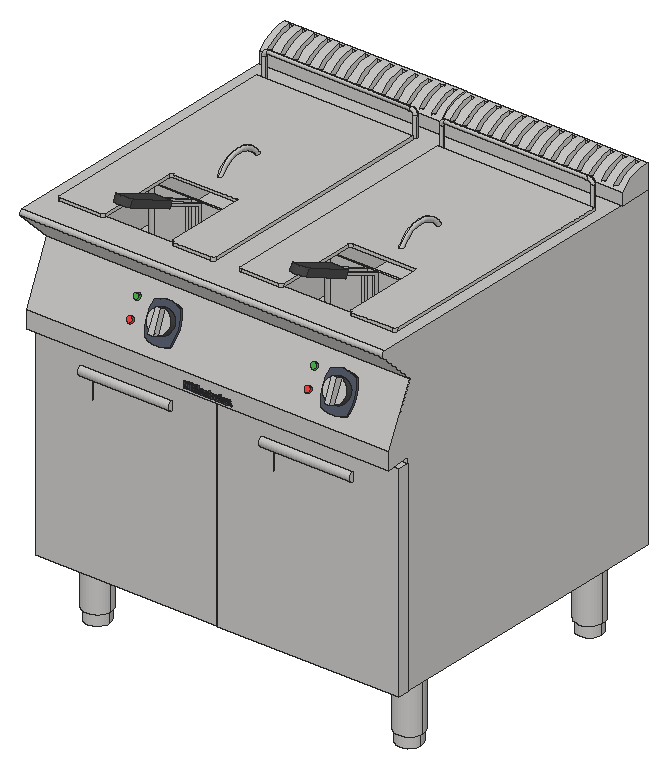
Revit family "QF_ELECTROLUXPROFESSIONAL_371078_E7FREH2BF0", category Specialty Equipment, Revit 2018
Family settings
  Round Connector Dimension = Use Diameter
  Part Type = Normal
  Work Plane-Based = No
  Always vertical = Yes
  Cut with Voids When Loaded = No
  Shared = No
  Room Calculation Point = No
Parameters
  Width = 800 mm  # constant formula
  Weight in Pounds = 132  # constant formula
  Watts = 10800 VA  # 10800 W
  Volts = 400 V  # constant formula
  URL Cutsheet = "www.electrolux.com/foodservice"
  URL = "www.electrolux.com/foodservice"
  Type Mark [instance] = ""
  Status [instance] = ""
  Specification by User [instance] = ""
  Specification by Manufacturer = ""
  Show Logo [instance] = yes
  Show Clearance [instance] = yes
  Serial Number = ""
  Seismic Rating = ""
  SMACNA No = ""
  Revision Code [instance] = ""
  Phase = 3  # constant formula
  Omniclass Number and Title = ""
  Number of Poles [instance] = 1
  NAFEM Spec ID Number = ""
  Model = "371078"
  Min Ckt Ampacity = 0 A
  Max Overcurrent Protection = 0 A
  Masterspec = ""
  Manufacturer = "ELECTROLUX"
  Item Number [instance] = ""
  Installed By [instance] = ""
  Identify Quantity as Lot [instance] = yes
  Height = 333 mm  # constant formula
  HP = "14.5 HP"
  Furnished By [instance] = ""
  Foodservice Equipment Identifier [instance] = yes
  FL Amps = if(Phase = 3, Watts / (Volts * 1.73), Watts / Volts)  # 15.6069 A
  Electrical Remarks [instance] = "400 V/3N ph/50/60 Hz"  # constant formula
  Electric Connection Type [instance] = ""
  Elec Conn RI Height [instance] = 0 mm
  Elec Conn Connection Height [instance] = 0 mm
  Direct Waste Size = 0"
  Description = "700XP Two 7 Lt. Wells Freestanding Electric Fryer - 400V"
  Depth = 730 mm  # constant formula
  Cycle = if([60 Hertz Option], 60 Hz, 50 Hz)  # 60 Hz
  Conn Plug = ""
  Conn Conduit = yes
  CSI MasterFormat = ""
  CSI Master Format = ""
  Base Height [instance] = 150 mm  # constant formula
  Apparent Power = if(Phase = 3, Volts * FL Amps * 1.73, Volts * FL Amps)  # 10800 VA
  60 Hertz Option = not([50 Hertz Option])  # yes
  50 Hertz Option = no
Reference planes
  plane 1 "BACK": y = 0
  plane 2: z = 0
  plane 3 "LEFT": x = 0
  plane 4 "RIGHT": x = 800
  plane 5 "FRONT": y = -730
  plane 6 "TOP": z = 905.238
  plane 7 "Center Y": x = 400
  plane 8 "Center X": y = -365
  plane 9 "BASE": z = 601
  plane 10 "TOP A": z = 850.238
  plane 11: y = -597.884
  plane 12: y = -147.637
  plane 13: z = 942.313
  plane 14: z = 150
Forms (mm)
  Extrusion 1, solid, material "QF_Finishes_Stainless Steel"
    sketch origin (0, 0, 0) x (0, 1, 0) y (0, 0, 1)
      loop
        line (0, 850.237) -> (-725.027, 850.237)
        arc (-725.027, 850.237) -> (-730.893, 846.318) -> (-729.517, 839.397) r 6.35
        line (-729.517, 839.397) -> (-657.416, 767.047) -> (-713.522, 646.19) -> (-713.522, 608.09) -> (-660.4, 613.7) -> (-660.4, 150) -> (0, 150) -> (0, 850.237)
      loop
        line (-661.987, 601) -> (-687.387, 601) -> (-687.387, 150) -> (-661.987, 150) -> (-661.987, 601)
    from 0 to 800
  Extrusion 2, solid, material "QF_Finishes_Stainless Steel"
    sketch origin (0, 0, 0) x (0, 1, 0) y (0, 0, 1)
      loop
        line (0, 850.237) -> (0, 905.237)
        arc (0, 905.237) -> (-38.078, 897.879) -> (-69.85, 875.637) r 93.057
        line (-69.85, 875.637) -> (-69.85, 850.237) -> (0, 850.237)
    from 0 to 800
  Extrusion 3, void
    sketch origin (0, 0, 850.238) x (-1, 0, 0) y (0, -1, 0)
      loop
        line (-33.338, 147.762) -> (-33.338, 655.762) -> (-373.012, 655.762) -> (-373.012, 147.762) -> (-33.338, 147.762)
      loop
        line (-766.662, 655.762) -> (-766.662, 147.762) -> (-426.988, 147.762) -> (-426.988, 655.762) -> (-766.662, 655.762)
    from 0 to -152.4
  Extrusion 4, void
    sketch origin (0, 0, 850.238) x (-1, 0, 0) y (0, -1, 0)
      loop
        line (-13.453, 6.761) -> (-13.453, 63.911) -> (-22.749, 63.911) -> (-22.749, 6.761) -> (-13.453, 6.761)
    from 25.4 to 63.5
  Extrusion 5, solid, material "QF_Finishes_Navy Blue"
    sketch origin (75, -713.522, 646.19) x (0, 0.421077, 0.907025) y (-1, 0, 0)
      loop
        arc (101.077, -565.788) -> (66.2, -558.771) -> (31.333, -565.832) r 89.894
        arc (31.333, -565.832) -> (24.638, -594.363) -> (31.333, -622.893) r 64.14
        arc (31.333, -622.893) -> (66.2, -629.955) -> (101.077, -622.938) r 89.894
        arc (101.077, -622.938) -> (107.792, -594.363) -> (101.077, -565.788) r 64.16
      loop
        arc (101.077, -176.965) -> (66.2, -169.948) -> (31.333, -177.01) r 89.894
        arc (31.333, -177.01) -> (24.638, -205.54) -> (31.333, -234.071) r 64.14
        arc (31.333, -234.071) -> (66.2, -241.136) -> (101.077, -234.115) r 89.853
        arc (101.077, -234.115) -> (107.792, -205.54) -> (101.077, -176.965) r 64.16
    from 0 to 3.175
  Extrusion 6, solid, material "QF_Finishes_Stainless Steel"
    sketch origin (75, -716.402, 647.527) x (0, 0.421077, 0.907025) y (-1, 0, 0)
      loop
        circle (68.826, -594.351) r 25.4
      loop
        circle (68.826, -205.413) r 25.4
    from 0 to 12.7
  Extrusion 7, solid, material "QF_Finishes_Stainless Steel"
    sketch origin (75, -727.921, 652.875) x (0, 0.421077, 0.907025) y (-1, 0, 0)
      loop
        arc (93.558, -600.137) -> (94.226, -594.351) -> (93.558, -588.564) r 25.4
        line (93.558, -588.564) -> (44.094, -588.564)
        arc (44.094, -588.564) -> (43.426, -594.351) -> (44.094, -600.137) r 25.4
        line (44.094, -600.137) -> (93.558, -600.137)
      loop
        arc (93.558, -211.199) -> (94.226, -205.413) -> (93.558, -199.627) r 25.4
        line (93.558, -199.627) -> (44.094, -199.627)
        arc (44.094, -199.627) -> (43.426, -205.413) -> (44.094, -211.199) r 25.4
        line (44.094, -211.199) -> (93.558, -211.199)
    from 0 to 12.7
  Extrusion 8, solid, material "QF_Finishes_Green"
    sketch origin (75, -713.522, 646.19) x (0, 0.421077, 0.907025) y (-1, 0, 0)
      loop
        circle (93.566, -530.485) r 6.35
      loop
        circle (93.566, -138.473) r 6.35
    from 0 to 3.175
  Extrusion 9, solid, material "QF_Finishes_Red"
    sketch origin (75, -713.522, 646.19) x (0, 0.421077, 0.907025) y (-1, 0, 0)
      loop
        circle (50.809, -530.485) r 6.35
      loop
        circle (50.809, -138.473) r 6.35
    from 0 to 3.175
  Extrusion 10, solid, material "QF_Finishes_Clearance", visible <- "Show Clearance", detail levels coarse
    sketch origin (0, 0, 0) x (1, 0, 0) y (0, 1, 0)
      loop
        line (0, -731.377) -> (0, 0) -> (800, 0) -> (800, -731.377) -> (950.019, -731.377) -> (950.019, 150.019) -> (-150.019, 150.019) -> (-150.019, -731.377) -> (0, -731.377)
    from 0 to 905.237
  Extrusion 11, solid, material "QF_Finishes_Stainless Steel"
    sketch origin (-77.88, -4572, 850.238) x (-1, 0, 0) y (0, -1, 0)
      loop
        arc (-104.867, -3916.238) -> (-106.727, -3911.748) -> (-111.217, -3909.888) r 6.35
        line (-111.217, -3909.888) -> (-200.117, -3909.888)
        arc (-200.117, -3909.888) -> (-204.607, -3911.748) -> (-206.467, -3916.238) r 6.35
        line (-206.467, -3916.238) -> (-206.467, -4090.988)
        arc (-206.467, -4090.988) -> (-208.327, -4095.479) -> (-212.817, -4097.338) r 6.35
        line (-212.817, -4097.338) -> (-349.292, -4097.338)
        arc (-349.292, -4097.338) -> (-353.782, -4095.479) -> (-355.642, -4090.988) r 6.35
        line (-355.642, -4090.988) -> (-355.642, -3916.238)
        arc (-355.642, -3916.238) -> (-357.502, -3911.748) -> (-361.992, -3909.888) r 6.35
        line (-361.992, -3909.888) -> (-444.542, -3909.888)
        arc (-444.542, -3909.888) -> (-449.032, -3911.748) -> (-450.892, -3916.238) r 6.35
        line (-450.892, -3916.238) -> (-450.892, -4459.163) -> (-104.867, -4459.163) -> (-104.867, -3916.238)
      loop
        line (-850.892, -3916.238) -> (-850.892, -4459.163) -> (-504.867, -4459.163) -> (-504.867, -3916.238)
        arc (-504.867, -3916.238) -> (-506.727, -3911.748) -> (-511.217, -3909.888) r 6.35
        line (-511.217, -3909.888) -> (-593.767, -3909.888)
        arc (-593.767, -3909.888) -> (-598.257, -3911.748) -> (-600.117, -3916.238) r 6.35
        line (-600.117, -3916.238) -> (-600.117, -4090.988)
        arc (-600.117, -4090.988) -> (-601.977, -4095.479) -> (-606.467, -4097.338) r 6.35
        line (-606.467, -4097.338) -> (-742.942, -4097.338)
        arc (-742.942, -4097.338) -> (-747.432, -4095.479) -> (-749.292, -4090.988) r 6.35
        line (-749.292, -4090.988) -> (-749.292, -3916.238)
        arc (-749.292, -3916.238) -> (-751.152, -3911.748) -> (-755.642, -3909.888) r 6.35
        line (-755.642, -3909.888) -> (-844.542, -3909.888)
        arc (-844.542, -3909.888) -> (-849.032, -3911.748) -> (-850.892, -3916.238) r 6.35
    from 0 to 6.35
  Sweep 12, solid, material "QF_Finishes_Stainless Steel"
    path origin (0, 36.513, 0) x (1, 0, 0) y (0, 0, 1)
      loop
        line (39.688, 850.238) -> (39.688, 895.713)
        arc (39.688, 895.713) -> (41.547, 900.203) -> (46.038, 902.063) r 6.35
        line (46.038, 902.063) -> (362.669, 902.063)
        arc (362.669, 902.063) -> (367.16, 900.203) -> (369.019, 895.713) r 6.35
        line (369.019, 895.713) -> (369.019, 850.237)
    profile origin (39.688, 36.513, 872.975) x (-1, 0, 0) y (0, -1, 0)
      loop
        circle (2.09, 140.754) r 3.827
  Extrusion 13, solid, material "QF_Finishes_Black"
    sketch origin (271.462, -708.83, 942.26) x (0, 0.906308, -0.422618) y (-1, 0, 0)
      loop
        line (10.103, 47.37) -> (128.716, 47.37) -> (128.716, 84.605) -> (10.103, 84.605)
        arc (10.103, 84.605) -> (-0.124, 65.987) -> (10.103, 47.37) r 22.059
    from -15.884 to 0
  Extrusion 14, solid, material "QF_Finishes_Stainless Steel"
    sketch origin (271.463, 41.275, 0) x (0, 1, 0) y (0, 0, 1)
      loop
        line (-547.91, 741.238) -> (-547.91, 842.715) -> (-635.463, 883.542) -> (-638.147, 877.787) -> (-554.26, 838.67) -> (-554.26, 741.238) -> (-547.91, 741.238)
    from -80.476 to -74.619
  Extrusion 15, solid, material "QF_Finishes_Stainless Steel"
    sketch origin (139.588, 41.275, 0) x (0, 1, 0) y (0, 0, -1)
      loop
        line (-554.26, -838.67) -> (-638.147, -877.787) -> (-635.463, -883.542) -> (-547.91, -842.715) -> (-547.91, -741.238) -> (-554.26, -741.238) -> (-554.26, -838.67)
    from -80.476 to -74.619
  Sweep 16, solid, material "QF_Finishes_Stainless Steel"
    path origin (200.025, -0.124, 0) x (0, 1, 0) y (0, 0, 1)
      loop
        arc (-323.261, 850.238) -> (-377.7, 884.016) -> (-432.139, 850.238) r 60.757
    profile origin (200.025, -377.824, 884.016) x (0, 0, -1) y (1, 0, 0)
      loop
        circle (0, 0) r 4.353
  Sweep 17, solid, material "QF_Finishes_Stainless Steel"
    path origin (600.075, -0.124, 0) x (0, 1, 0) y (0, 0, -1)
      loop
        arc (-323.261, -850.238) -> (-377.7, -884.016) -> (-432.139, -850.238) r 60.757
    profile origin (600.075, -377.824, 884.016) x (0, 0, 1) y (-1, 0, 0)
      loop
        circle (0, 0) r 4.353
  Extrusion 18, solid, material "QF_Finishes_Black"
    sketch origin (528.637, -708.83, 942.26) x (0, 0.906308, -0.422618) y (-1, 0, 0)
      loop
        arc (10.103, -47.27) -> (-0.124, -65.887) -> (10.103, -84.505) r 22.059
        line (10.103, -84.505) -> (128.716, -84.505) -> (128.716, -47.27) -> (10.103, -47.27)
    from -15.884 to 0
  Extrusion 19, solid, material "QF_Finishes_Mesh"
    sketch origin (0, 0, 850.238) x (-1, 0, 0) y (0, -1, 0)
      loop
        arc (-116.625, 189.135) -> (-98.665, 196.575) -> (-91.225, 214.535) r 25.4
        line (-91.225, 214.535) -> (-91.225, 481.11)
        arc (-91.225, 481.11) -> (-98.665, 499.071) -> (-116.625, 506.51) r 25.4
        line (-116.625, 506.51) -> (-294.375, 506.51)
        arc (-294.375, 506.51) -> (-312.336, 499.071) -> (-319.775, 481.11) r 25.4
        line (-319.775, 481.11) -> (-319.775, 214.535)
        arc (-319.775, 214.535) -> (-312.336, 196.575) -> (-294.375, 189.135) r 25.4
        line (-294.375, 189.135) -> (-116.625, 189.135)
      loop
        arc (-116.625, 192.31) -> (-100.91, 198.82) -> (-94.4, 214.535) r 22.225
        line (-94.4, 214.535) -> (-94.4, 481.11)
        arc (-94.4, 481.11) -> (-100.91, 496.826) -> (-116.625, 503.335) r 22.225
        line (-116.625, 503.335) -> (-294.375, 503.335)
        arc (-294.375, 503.335) -> (-310.091, 496.826) -> (-316.6, 481.11) r 22.225
        line (-316.6, 481.11) -> (-316.6, 214.535)
        arc (-316.6, 214.535) -> (-310.091, 198.82) -> (-294.375, 192.31) r 22.225
        line (-294.375, 192.31) -> (-116.625, 192.31)
      loop
        line (-683.375, 189.135) -> (-505.625, 189.135)
        arc (-505.625, 189.135) -> (-487.664, 196.575) -> (-480.225, 214.535) r 25.4
        line (-480.225, 214.535) -> (-480.225, 481.11)
        arc (-480.225, 481.11) -> (-487.664, 499.071) -> (-505.625, 506.51) r 25.4
        line (-505.625, 506.51) -> (-683.375, 506.51)
        arc (-683.375, 506.51) -> (-701.335, 499.071) -> (-708.775, 481.11) r 25.4
        line (-708.775, 481.11) -> (-708.775, 214.535)
        arc (-708.775, 214.535) -> (-701.335, 196.575) -> (-683.375, 189.135) r 25.4
      loop
        line (-683.375, 192.31) -> (-505.625, 192.31)
        arc (-505.625, 192.31) -> (-489.909, 198.82) -> (-483.4, 214.535) r 22.225
        line (-483.4, 214.535) -> (-483.4, 481.11)
        arc (-483.4, 481.11) -> (-489.909, 496.826) -> (-505.625, 503.335) r 22.225
        line (-505.625, 503.335) -> (-683.375, 503.335)
        arc (-683.375, 503.335) -> (-699.09, 496.826) -> (-705.6, 481.11) r 22.225
        line (-705.6, 481.11) -> (-705.6, 214.535)
        arc (-705.6, 214.535) -> (-699.09, 198.82) -> (-683.375, 192.31) r 22.225
    from -109 to -5.315
  Extrusion 20, solid, material "QF_Finishes_Stainless Steel"
    sketch origin (528.637, 41.275, 0) x (0, 1, 0) y (0, 0, -1)
      loop
        line (-547.91, -741.238) -> (-554.26, -741.238) -> (-554.26, -838.67) -> (-638.147, -877.787) -> (-635.463, -883.542) -> (-547.91, -842.715) -> (-547.91, -741.238)
    from -80.476 to -74.619
  Extrusion 21, solid, material "QF_Finishes_Stainless Steel"
    sketch origin (660.512, 41.275, 0) x (0, 1, 0) y (0, 0, 1)
      loop
        line (-554.26, 838.67) -> (-554.26, 741.238) -> (-547.91, 741.238) -> (-547.91, 842.715) -> (-635.463, 883.542) -> (-638.147, 877.787) -> (-554.26, 838.67)
    from -80.476 to -74.619
  Sweep 22, solid, material "QF_Finishes_Stainless Steel"
    path origin (800.1, 36.513, 0) x (-1, 0, 0) y (0, 0, -1)
      loop
        line (39.788, -850.238) -> (39.788, -895.713)
        arc (39.788, -895.713) -> (41.647, -900.203) -> (46.138, -902.063) r 6.35
        line (46.138, -902.063) -> (362.769, -902.063)
        arc (362.769, -902.063) -> (367.26, -900.203) -> (369.119, -895.713) r 6.35
        line (369.119, -895.713) -> (369.119, -850.237)
    profile origin (760.312, 36.513, 872.975) x (-1, 0, 0) y (0, -1, 0)
      loop
        circle (-2.09, 140.754) r 3.827
  Extrusion 23, void
    sketch origin (361.95, 0, 850.237) x (-1, 0, 0) y (0, -1, 0)
      loop
        line (-13.403, 6.761) -> (-13.403, 63.911) -> (-22.699, 63.911) -> (-22.699, 6.761) -> (-13.403, 6.761)
    from 25.4 to 63.5
  Extrusion 24, void
    sketch origin (27.842, 0, 850.238) x (-1, 0, 0) y (0, -1, 0)
      loop
        line (-13.453, 6.761) -> (-13.453, 63.911) -> (-22.749, 63.911) -> (-22.749, 6.761) -> (-13.453, 6.761)
    from 25.4 to 63.5
  Extrusion 25, void
    sketch origin (55.685, 0, 850.238) x (-1, 0, 0) y (0, -1, 0)
      loop
        line (-13.453, 6.761) -> (-13.453, 63.911) -> (-22.749, 63.911) -> (-22.749, 6.761) -> (-13.453, 6.761)
    from 25.4 to 63.5
  Extrusion 26, void
    sketch origin (83.527, 0, 850.238) x (-1, 0, 0) y (0, -1, 0)
      loop
        line (-13.453, 6.761) -> (-13.453, 63.911) -> (-22.749, 63.911) -> (-22.749, 6.761) -> (-13.453, 6.761)
    from 25.4 to 63.5
  Extrusion 27, void
    sketch origin (111.369, 0, 850.237) x (-1, 0, 0) y (0, -1, 0)
      loop
        line (-13.453, 6.761) -> (-13.453, 63.911) -> (-22.749, 63.911) -> (-22.749, 6.761) -> (-13.453, 6.761)
    from 25.4 to 63.5
  Extrusion 28, void
    sketch origin (139.212, 0, 850.237) x (-1, 0, 0) y (0, -1, 0)
      loop
        line (-13.453, 6.761) -> (-13.453, 63.911) -> (-22.749, 63.911) -> (-22.749, 6.761) -> (-13.453, 6.761)
    from 25.4 to 63.5
  Extrusion 29, void
    sketch origin (167.054, 0, 850.237) x (-1, 0, 0) y (0, -1, 0)
      loop
        line (-13.453, 6.761) -> (-13.453, 63.911) -> (-22.749, 63.911) -> (-22.749, 6.761) -> (-13.453, 6.761)
    from 25.4 to 63.5
  Extrusion 30, void
    sketch origin (194.896, 0, 850.237) x (-1, 0, 0) y (0, -1, 0)
      loop
        line (-13.403, 6.761) -> (-13.403, 63.911) -> (-22.699, 63.911) -> (-22.699, 6.761) -> (-13.403, 6.761)
    from 25.4 to 63.5
  Extrusion 31, void
    sketch origin (222.738, 0, 850.237) x (-1, 0, 0) y (0, -1, 0)
      loop
        line (-13.403, 6.761) -> (-13.403, 63.911) -> (-22.699, 63.911) -> (-22.699, 6.761) -> (-13.403, 6.761)
    from 25.4 to 63.5
  Extrusion 32, void
    sketch origin (250.581, 0, 850.237) x (-1, 0, 0) y (0, -1, 0)
      loop
        line (-13.403, 6.761) -> (-13.403, 63.911) -> (-22.699, 63.911) -> (-22.699, 6.761) -> (-13.403, 6.761)
    from 25.4 to 63.5
  Extrusion 33, void
    sketch origin (278.423, 0, 850.237) x (-1, 0, 0) y (0, -1, 0)
      loop
        line (-13.403, 6.761) -> (-13.403, 63.911) -> (-22.699, 63.911) -> (-22.699, 6.761) -> (-13.403, 6.761)
    from 25.4 to 63.5
  Extrusion 34, void
    sketch origin (306.265, 0, 850.237) x (-1, 0, 0) y (0, -1, 0)
      loop
        line (-13.403, 6.761) -> (-13.403, 63.911) -> (-22.699, 63.911) -> (-22.699, 6.761) -> (-13.403, 6.761)
    from 25.4 to 63.5
  Extrusion 35, void
    sketch origin (334.108, 0, 850.237) x (-1, 0, 0) y (0, -1, 0)
      loop
        line (-13.403, 6.761) -> (-13.403, 63.911) -> (-22.699, 63.911) -> (-22.699, 6.761) -> (-13.403, 6.761)
    from 25.4 to 63.5
  Extrusion 36, void
    sketch origin (800.1, 0, 850.237) x (1, 0, 0) y (0, 1, 0)
      loop
        line (-13.553, -6.761) -> (-22.849, -6.761) -> (-22.849, -63.911) -> (-13.553, -63.911) -> (-13.553, -6.761)
    from 25.4 to 63.5
  Extrusion 37, void
    sketch origin (438.15, 0, 850.237) x (1, 0, 0) y (0, 1, 0)
      loop
        line (-13.503, -6.761) -> (-22.799, -6.761) -> (-22.799, -63.911) -> (-13.503, -63.911) -> (-13.503, -6.761)
    from 25.4 to 63.5
  Extrusion 38, void
    sketch origin (772.258, 0, 850.237) x (1, 0, 0) y (0, 1, 0)
      loop
        line (-13.553, -6.761) -> (-22.849, -6.761) -> (-22.849, -63.911) -> (-13.553, -63.911) -> (-13.553, -6.761)
    from 25.4 to 63.5
  Extrusion 39, void
    sketch origin (744.415, 0, 850.237) x (1, 0, 0) y (0, 1, 0)
      loop
        line (-13.553, -6.761) -> (-22.849, -6.761) -> (-22.849, -63.911) -> (-13.553, -63.911) -> (-13.553, -6.761)
    from 25.4 to 63.5
  Extrusion 40, void
    sketch origin (716.573, 0, 850.237) x (1, 0, 0) y (0, 1, 0)
      loop
        line (-13.553, -6.761) -> (-22.849, -6.761) -> (-22.849, -63.911) -> (-13.553, -63.911) -> (-13.553, -6.761)
    from 25.4 to 63.5
  Extrusion 41, void
    sketch origin (688.731, 0, 850.237) x (1, 0, 0) y (0, 1, 0)
      loop
        line (-13.553, -6.761) -> (-22.849, -6.761) -> (-22.849, -63.911) -> (-13.553, -63.911) -> (-13.553, -6.761)
    from 25.4 to 63.5
  Extrusion 42, void
    sketch origin (660.888, 0, 850.237) x (1, 0, 0) y (0, 1, 0)
      loop
        line (-13.553, -6.761) -> (-22.849, -6.761) -> (-22.849, -63.911) -> (-13.553, -63.911) -> (-13.553, -6.761)
    from 25.4 to 63.5
  Extrusion 43, void
    sketch origin (633.046, 0, 850.237) x (1, 0, 0) y (0, 1, 0)
      loop
        line (-13.553, -6.761) -> (-22.849, -6.761) -> (-22.849, -63.911) -> (-13.553, -63.911) -> (-13.553, -6.761)
    from 25.4 to 63.5
  Extrusion 44, void
    sketch origin (605.204, 0, 850.237) x (1, 0, 0) y (0, 1, 0)
      loop
        line (-13.503, -6.761) -> (-22.799, -6.761) -> (-22.799, -63.911) -> (-13.503, -63.911) -> (-13.503, -6.761)
    from 25.4 to 63.5
  Extrusion 45, void
    sketch origin (577.362, 0, 850.237) x (1, 0, 0) y (0, 1, 0)
      loop
        line (-13.503, -6.761) -> (-22.799, -6.761) -> (-22.799, -63.911) -> (-13.503, -63.911) -> (-13.503, -6.761)
    from 25.4 to 63.5
  Extrusion 46, void
    sketch origin (549.519, 0, 850.237) x (1, 0, 0) y (0, 1, 0)
      loop
        line (-13.503, -6.761) -> (-22.799, -6.761) -> (-22.799, -63.911) -> (-13.503, -63.911) -> (-13.503, -6.761)
    from 25.4 to 63.5
  Extrusion 47, void
    sketch origin (521.677, 0, 850.237) x (1, 0, 0) y (0, 1, 0)
      loop
        line (-13.503, -6.761) -> (-22.799, -6.761) -> (-22.799, -63.911) -> (-13.503, -63.911) -> (-13.503, -6.761)
    from 25.4 to 63.5
  Extrusion 48, void
    sketch origin (493.835, 0, 850.237) x (1, 0, 0) y (0, 1, 0)
      loop
        line (-13.503, -6.761) -> (-22.799, -6.761) -> (-22.799, -63.911) -> (-13.503, -63.911) -> (-13.503, -6.761)
    from 25.4 to 63.5
  Extrusion 49, void
    sketch origin (465.992, 0, 850.237) x (1, 0, 0) y (0, 1, 0)
      loop
        line (-13.503, -6.761) -> (-22.799, -6.761) -> (-22.799, -63.911) -> (-13.503, -63.911) -> (-13.503, -6.761)
    from 25.4 to 63.5
  Extrusion 50, void
    sketch origin (418.151, 0, 850.237) x (1, 0, 0) y (0, 1, 0)
      loop
        line (-16.563, 0) -> (-19.738, 0) -> (-19.738, -69.85) -> (-16.563, -69.85) -> (-16.563, 0)
    from 25.4 to 63.5
  Extrusion 51, void
    sketch origin (0, -660.4, 601) x (0, 0, 1) y (-1, 0, 0)
      loop
        line (0, -398.363) -> (-451, -398.363) -> (-451, -401.538) -> (0, -401.538) -> (0, -398.363)
    from 0 to 27
  Extrusion 52, void
    sketch origin (200.025, 0, 0) x (0, 1, 0) y (0, 0, 1)
      loop
        line (-687.137, 541) -> (-687.137, 499.788) -> (-672.137, 541) -> (-687.137, 541)
    from -75 to 75
  Extrusion 53, solid, material "QF_Finishes_Stainless Steel"
    sketch origin (200.025, 0, 0) x (0, 1, 0) y (0, 0, 1)
      loop
        line (-687.137, 541) -> (-687.137, 561)
        arc (-687.137, 561) -> (-697.137, 551) -> (-687.137, 541) r 10
    from -100 to 100
  Extrusion 54, void
    sketch origin (600.075, 0, 0) x (0, 1, 0) y (0, 0, -1)
      loop
        line (-687.137, -541) -> (-672.137, -541) -> (-687.137, -499.788) -> (-687.137, -541)
    from -75 to 75
  Extrusion 55, solid, material "QF_Finishes_Stainless Steel"
    sketch origin (600.075, 0, 0) x (0, 1, 0) y (0, 0, -1)
      loop
        arc (-687.137, -541) -> (-697.137, -551) -> (-687.137, -561) r 10
        line (-687.137, -561) -> (-687.137, -541)
    from -100 to 100
  Revolve 56, solid, material "QF_Finishes_Stainless Steel"
    sketch origin (0, -587.387, 608.09) x (0, 0, 1) y (-1, 0, 0)
      loop
        line (-608.09, -56) -> (-458.09, -56) -> (-458.09, -26) -> (-583.09, -26) -> (-583.09, -29.75) -> (-608.09, -29.75) -> (-608.09, -56)
      axis (-608.09, -56) -> (-458.09, -56)
    angle from 0 to 360
  Revolve 57, solid, material "QF_Finishes_Stainless Steel"
    sketch origin (0, -90, 608.09) x (0, 0, 1) y (-1, 0, 0)
      loop
        line (-608.09, -56) -> (-458.09, -56) -> (-458.09, -26) -> (-583.09, -26) -> (-583.09, -29.75) -> (-608.09, -29.75) -> (-608.09, -56)
      axis (-608.09, -56) -> (-458.09, -56)
    angle from 0 to 360
  Revolve 58, solid, material "QF_Finishes_Stainless Steel"
    sketch origin (800.1, -587.387, 608.09) x (0, 0, 1) y (-1, 0, 0)
      loop
        line (-608.09, 56.1) -> (-608.09, 29.85) -> (-583.09, 29.85) -> (-583.09, 26.1) -> (-458.09, 26.1) -> (-458.09, 56.1) -> (-608.09, 56.1)
      axis (-608.09, 56.1) -> (-458.09, 56.1)
    angle from 0 to 360
  Revolve 59, solid, material "QF_Finishes_Stainless Steel"
    sketch origin (800.1, -90, 608.09) x (0, 0, 1) y (-1, 0, 0)
      loop
        line (-608.09, 56.1) -> (-608.09, 29.85) -> (-583.09, 29.85) -> (-583.09, 26.1) -> (-458.09, 26.1) -> (-458.09, 56.1) -> (-608.09, 56.1)
      axis (-608.09, 56.1) -> (-458.09, 56.1)
    angle from 0 to 360
  Extrusion 60, solid, material "QF_Finishes_Door Clearance", visible <- "Show Clearance", detail levels coarse
    sketch origin (0, 0, 850.238) x (-1, 0, 0) y (0, -1, 0)
      loop
        arc (-401.587, 687.137) -> (-518.28, 968.858) -> (-800, 1085.55) r 398.413
        line (-800, 1085.55) -> (-800, 687.137) -> (-401.587, 687.137)
      loop
        line (-398.412, 687.138) -> (0, 687.137) -> (0, 1085.55)
        arc (0, 1085.55) -> (-281.72, 968.858) -> (-398.412, 687.138) r 398.412
    from -700.237 to -249.237
  Extrusion 61, solid, material "QF_Finishes_Stainless Steel"
    sketch origin (-77.88, -4572, 601) x (-1, 0, 0) y (0, -1, 0)
      loop
        circle (-821.88, -4067) r 12.7
    from 0 to -12.7
  Extrusion 62, solid, material "QF_Finishes_Navy Blue", visible <- "Show Logo"
    sketch origin (60.791, -713.772, 608.09) x (0, 0, 1) y (-1, 0, 0)
      loop
        line (20.674, -296.698) -> (8.307, -296.698)
        arc (8.307, -296.698) -> (14.491, -301.27) -> (20.674, -296.698) r 6.467
      loop
        arc (20.674, -296.069) -> (19.505, -290.926) -> (14.849, -288.448) r 6.338
        line (14.849, -288.448) -> (14.849, -290.494)
        arc (14.849, -290.494) -> (16.333, -294.149) -> (19.778, -296.069) r 5.941
        line (19.778, -296.069) -> (20.674, -296.069)
      loop
        arc (9.203, -296.069) -> (12.648, -294.149) -> (14.132, -290.494) r 5.941
        line (14.132, -290.494) -> (14.132, -288.448)
        arc (14.132, -288.448) -> (9.438, -290.922) -> (8.148, -296.069) r 6.504
        line (8.148, -296.069) -> (9.203, -296.069)
      loop
        line (21.349, -287.979) -> (7.604, -287.979) -> (7.604, -301.742) -> (21.349, -301.742) -> (21.349, -287.979)
      loop
        arc (21.432, -304.71) -> (21.085, -304.352) -> (20.718, -304.69) r 0.358
        arc (20.718, -304.69) -> (20.404, -305.44) -> (19.687, -305.825) r 1.216
        line (19.687, -305.825) -> (9.274, -305.825)
        arc (9.274, -305.825) -> (8.614, -305.548) -> (8.218, -304.951) r 1.238
        arc (8.218, -304.951) -> (7.823, -304.7) -> (7.518, -305.054) r 0.358
        line (7.518, -305.054) -> (7.518, -314.933) -> (10.269, -314.933) -> (10.269, -314.036)
        arc (10.269, -314.036) -> (9.36, -313.456) -> (8.904, -312.479) r 1.928
        line (8.904, -312.479) -> (8.904, -309.98)
        arc (8.904, -309.98) -> (9.18, -309.251) -> (9.868, -308.887) r 1.101
        line (9.868, -308.887) -> (13.955, -308.887) -> (13.955, -312.561)
        arc (13.955, -312.561) -> (13.602, -313.058) -> (13.037, -313.286) r 1.083
        arc (13.037, -313.286) -> (12.773, -313.591) -> (13.065, -313.869) r 0.292
        line (13.065, -313.869) -> (16.028, -313.869)
        arc (16.028, -313.869) -> (16.33, -313.596) -> (16.092, -313.266) r 0.305
        arc (16.092, -313.266) -> (15.601, -313.018) -> (15.296, -312.561) r 1.083
        line (15.296, -312.561) -> (15.296, -308.887) -> (19.973, -308.887) -> (19.973, -312.635)
        arc (19.973, -312.635) -> (19.759, -313.39) -> (19.153, -313.888) r 1.314
        arc (19.153, -313.888) -> (18.934, -314.292) -> (19.288, -314.585) r 0.361
        line (19.288, -314.585) -> (21.432, -314.585) -> (21.432, -304.71)
      loop
        arc (20.715, -315.365) -> (20.335, -316.284) -> (19.416, -316.664) r 1.299
        line (19.416, -316.664) -> (9.837, -316.664)
        arc (9.837, -316.664) -> (8.999, -316.286) -> (8.728, -315.408) r 1.118
        line (8.728, -315.408) -> (7.518, -315.408) -> (7.518, -320.758) -> (8.706, -320.758)
        arc (8.706, -320.758) -> (8.978, -319.841) -> (9.848, -319.445) r 1.153
        line (9.848, -319.445) -> (21.92, -319.445) -> (20.715, -315.365)
      loop
        line (12.483, -323.394) -> (12.483, -329.842) -> (13.282, -329.842)
        arc (13.282, -329.842) -> (15.862, -328.857) -> (17.131, -326.404) r 3.874
        line (17.131, -326.404) -> (17.131, -324.643)
        arc (17.131, -324.643) -> (15.944, -321.778) -> (13.08, -320.592) r 4.051
        line (13.08, -320.592) -> (11.072, -320.592)
        arc (11.072, -320.592) -> (8.253, -322.077) -> (7.202, -325.084) r 4.352
        arc (7.202, -325.084) -> (7.566, -327.547) -> (8.943, -329.621) r 5.713
        line (8.943, -329.621) -> (9.892, -329.621)
        arc (9.892, -329.621) -> (9.16, -328.052) -> (8.943, -326.334) r 5.579
        arc (8.943, -326.334) -> (9.737, -324.371) -> (11.616, -323.394) r 3.057
        line (11.616, -323.394) -> (12.483, -323.394)
      loop
        line (13.742, -323.394) -> (13.742, -326.977)
        arc (13.742, -326.977) -> (15.199, -327.024) -> (16.082, -325.864) r 1.59
        line (16.082, -325.864) -> (16.082, -325.034)
        arc (16.082, -325.034) -> (15.217, -323.779) -> (13.742, -323.394) r 2.184
      loop
        arc (16.533, -339.259) -> (17.022, -337.585) -> (17.179, -335.848) r 9.023
        line (17.179, -335.848) -> (17.179, -334.486)
        arc (17.179, -334.486) -> (16.02, -331.686) -> (13.22, -330.527) r 3.959
        line (13.22, -330.527) -> (10.62, -330.527)
        arc (10.62, -330.527) -> (8.338, -331.819) -> (7.221, -334.192) r 4.331
        line (7.221, -334.192) -> (7.221, -336.327)
        arc (7.221, -336.327) -> (7.729, -337.877) -> (8.651, -339.223) r 5.772
        arc (8.651, -339.223) -> (9.412, -339.274) -> (9.499, -338.515) r 0.553
        arc (9.499, -338.515) -> (9.111, -337.781) -> (8.977, -336.962) r 2.573
        line (8.977, -336.962) -> (8.977, -335.447)
        arc (8.977, -335.447) -> (9.983, -333.806) -> (11.798, -333.163) r 2.884
        line (11.798, -333.163) -> (13.077, -333.163)
        arc (13.077, -333.163) -> (14.898, -333.723) -> (15.824, -335.388) r 2.554
        line (15.824, -335.388) -> (15.824, -336.441)
        arc (15.824, -336.441) -> (15.493, -337.369) -> (14.836, -338.104) r 2.564
        arc (14.836, -338.104) -> (14.614, -338.821) -> (15.223, -339.259) r 0.643
        line (15.223, -339.259) -> (16.533, -339.259)
      loop
        line (15.515, -339.53) -> (15.515, -341.031) -> (9.467, -341.031)
        arc (9.467, -341.031) -> (7.879, -341.688) -> (7.221, -343.276) r 2.246
        line (7.221, -343.276) -> (7.221, -344.86)
        arc (7.221, -344.86) -> (7.535, -345.725) -> (8.035, -346.496) r 4.06
        arc (8.035, -346.496) -> (8.768, -346.629) -> (9.019, -345.928) r 0.576
        arc (9.019, -345.928) -> (8.913, -345.403) -> (8.977, -344.87) r 1.69
        arc (8.977, -344.87) -> (9.519, -344.082) -> (10.425, -343.779) r 1.506
        line (10.425, -343.779) -> (15.563, -343.779) -> (15.563, -346.176) -> (16.119, -346.733) -> (16.941, -346.733) -> (16.941, -343.873) -> (20.172, -343.873) -> (15.515, -339.53)
      loop
        line (7.438, -347.63) -> (7.438, -353.017) -> (8.548, -353.017)
        arc (8.548, -353.017) -> (8.942, -352.066) -> (9.893, -351.672) r 1.345
        line (9.893, -351.672) -> (13.509, -351.672)
        arc (13.509, -351.672) -> (14.274, -352.264) -> (14.564, -353.186) r 1.615
        line (14.564, -353.186) -> (14.564, -354.742) -> (17.119, -355.427) -> (17.119, -354.044) -> (15.177, -351.485) -> (17.057, -351.485) -> (16.773, -348.779)
        arc (16.773, -348.779) -> (16.333, -348.249) -> (15.674, -348.45) r 0.621
        arc (15.674, -348.45) -> (15.274, -348.792) -> (14.78, -348.975) r 1.501
        line (14.78, -348.975) -> (9.893, -348.975)
        arc (9.893, -348.975) -> (8.942, -348.581) -> (8.548, -347.63) r 1.345
        line (8.548, -347.63) -> (7.438, -347.63)
      loop
        line (13.54, -354.964) -> (10.848, -354.964)
        arc (10.848, -354.964) -> (8.403, -356.272) -> (7.269, -358.803) r 4.288
        arc (7.269, -358.803) -> (7.205, -360.183) -> (7.269, -361.563) r 15.022
        arc (7.269, -361.563) -> (8.403, -364.094) -> (10.848, -365.401) r 4.288
        line (10.848, -365.401) -> (13.54, -365.401)
        arc (13.54, -365.401) -> (15.986, -364.094) -> (17.119, -361.563) r 4.288
        arc (17.119, -361.563) -> (17.183, -360.183) -> (17.119, -358.803) r 15.022
        arc (17.119, -358.803) -> (15.986, -356.272) -> (13.54, -354.964) r 4.288
      loop
        line (13.745, -358.078) -> (10.643, -358.078)
        arc (10.643, -358.078) -> (8.486, -360.235) -> (10.643, -362.392) r 2.157
        line (10.643, -362.392) -> (13.745, -362.392)
        arc (13.745, -362.392) -> (15.902, -360.235) -> (13.745, -358.078) r 2.157
      loop
        arc (20.726, -365.26) -> (20.355, -366.154) -> (19.461, -366.524) r 1.264
        line (19.461, -366.524) -> (9.597, -366.524)
        arc (9.597, -366.524) -> (8.727, -366.127) -> (8.455, -365.211) r 1.153
        line (8.455, -365.211) -> (7.518, -365.211) -> (7.518, -370.319) -> (8.446, -370.319)
        arc (8.446, -370.319) -> (8.805, -369.547) -> (9.597, -369.232) r 1.153
        line (9.597, -369.232) -> (21.92, -369.232) -> (20.726, -365.26)
      loop
        arc (15.846, -369.857) -> (15.647, -370.921) -> (14.678, -371.403) r 1.215
        line (14.678, -371.403) -> (9.658, -371.403)
        arc (9.658, -371.403) -> (8.043, -372.051) -> (7.322, -373.634) r 2.338
        line (7.322, -373.634) -> (7.322, -375.148)
        arc (7.322, -375.148) -> (7.497, -376.152) -> (7.999, -377.038) r 2.979
        line (7.999, -377.038) -> (7.518, -378.835) -> (7.518, -380.524) -> (16.943, -380.524) -> (16.649, -376.32) -> (15.863, -376.32)
        arc (15.863, -376.32) -> (15.507, -377.156) -> (14.755, -377.665) r 1.605
        line (14.755, -377.665) -> (9.652, -377.665)
        arc (9.652, -377.665) -> (9.232, -376.728) -> (9.159, -375.704) r 2.94
        arc (9.159, -375.704) -> (9.72, -374.603) -> (10.873, -374.16) r 1.724
        line (10.873, -374.16) -> (17.07, -374.16) -> (15.846, -369.857)
      loop
        line (16.874, -381.377) -> (15.202, -383.423) -> (12.028, -385.729) -> (8.572, -382.617)
        arc (8.572, -382.617) -> (8.335, -382.223) -> (8.357, -381.764) r 0.789
        line (8.357, -381.764) -> (7.518, -381.764) -> (7.518, -385.309) -> (8.344, -385.309)
        arc (8.344, -385.309) -> (8.686, -384.947) -> (9.176, -385.039) r 0.52
        line (9.176, -385.039) -> (10.976, -386.51) -> (8.858, -387.886)
        arc (8.858, -387.886) -> (8.457, -387.576) -> (8.37, -387.076) r 0.7
        line (8.37, -387.076) -> (7.518, -387.076) -> (7.518, -393.003) -> (8.405, -393.003)
        arc (8.405, -393.003) -> (8.472, -392.344) -> (8.866, -391.813) r 1.247
        line (8.866, -391.813) -> (13.066, -388.532) -> (15.513, -390.585) -> (16.874, -392.327) -> (16.874, -388.604) -> (15.389, -389.026) -> (13.868, -387.749) -> (15.568, -386.559) -> (16.874, -387.336) -> (16.874, -381.377)
    from 0 to 1.644
Cuts and joins
  Extrusion 3, Extrusion 4, Extrusion 51, Extrusion 52, Extrusion 54 cuts Extrusion 1
  Extrusion 4, Extrusion 23, Extrusion 24, Extrusion 25, Extrusion 26, Extrusion 27, Extrusion 28, Extrusion 29, Extrusion 30, Extrusion 31, Extrusion 32, Extrusion 33, Extrusion 34, Extrusion 35, Extrusion 36, Extrusion 37, Extrusion 38, Extrusion 39, Extrusion 40, Extrusion 41, Extrusion 42, Extrusion 43, Extrusion 44, Extrusion 45, Extrusion 46, Extrusion 47, Extrusion 48, Extrusion 49, Extrusion 50 cuts Extrusion 2
  joined: Extrusion 6, Extrusion 7
  joined: Extrusion 11, Sweep 16, Sweep 17
  Extrusion 23, Extrusion 24, Extrusion 25, Extrusion 26, Extrusion 27, Extrusion 28, Extrusion 29, Extrusion 30, Extrusion 31, Extrusion 32, Extrusion 33, Extrusion 34, Extrusion 35, Extrusion 36, Extrusion 37, Extrusion 38, Extrusion 39, Extrusion 40, Extrusion 41, Extrusion 42, Extrusion 43, Extrusion 44, Extrusion 45, Extrusion 46, Extrusion 47, Extrusion 48, Extrusion 49, Extrusion 50, Extrusion 52, Extrusion 54 cuts Extrusion 10
  Extrusion 52, Extrusion 54 cuts Extrusion 53
  Extrusion 54 cuts Extrusion 55
Lines and regions (mm)
  symbolic lines, style "QF-Clearances", visible <- "Show Clearance", detail levels coarse
    curve 1: line (-150.019, 150.019, 850.238) -> (-150.019, -731.377, 850.238)
    curve 2: line (950.019, 150.019, 850.237) -> (-150.019, 150.019, 850.238)
    curve 3: line (950.019, -731.377, 850.237) -> (950.019, 150.019, 850.237)
  symbolic lines
    curve 4: line (0, 0, 850.238) -> (800, 0, 850.237)
    curve 5: line (0, -730, 850.238) -> (0, 0, 850.238)
    curve 6: line (800, -730, 850.237) -> (0, -730, 850.238)
    curve 7: line (800, 0, 850.237) -> (800, -730, 850.237)
    curve 8: line (22.699, -6.761, 850.238) -> (22.699, -63.911, 850.238)
    curve 9: line (13.403, -63.911, 850.238) -> (13.403, -6.761, 850.238)
    curve 10: line (13.403, -6.761, 850.238) -> (22.699, -6.761, 850.238)
    curve 11: line (26.988, -112.837, 850.238) -> (26.988, -655.762, 850.238)
    curve 12: arc (26.988, -655.762, 850.238) -> (28.847, -660.252, 850.238) -> (33.338, -662.112, 850.238) r 6.35
    curve 13: line (33.338, -662.112, 850.238) -> (122.188, -662.112, 850.237)
    curve 14: arc (122.188, -662.112, 850.237) -> (126.678, -660.252, 850.237) -> (128.538, -655.762, 850.237) r 6.35
    curve 15: line (128.538, -655.762, 850.237) -> (128.538, -481.012, 850.237)
    curve 16: arc (128.537, -481.012, 850.237) -> (130.397, -476.521, 850.237) -> (134.887, -474.662, 850.237) r 6.35
    curve 17: line (134.887, -474.662, 850.237) -> (271.412, -474.662, 850.237)
    curve 18: arc (271.412, -474.662, 850.237) -> (275.903, -476.521, 850.237) -> (277.762, -481.012, 850.237) r 6.35
    curve 19: line (277.762, -481.012, 850.237) -> (277.762, -655.762, 850.237)
    curve 20: arc (277.762, -655.762, 850.237) -> (279.622, -660.252, 850.237) -> (284.112, -662.112, 850.237) r 6.35
    curve 21: line (284.112, -662.112, 850.237) -> (366.662, -662.112, 850.237)
    curve 22: arc (366.662, -662.112, 850.237) -> (371.153, -660.252, 850.237) -> (373.012, -655.762, 850.237) r 6.35
    curve 23: line (373.012, -655.762, 850.237) -> (373.012, -112.837, 850.237)
    curve 24: line (373.012, -112.837, 850.237) -> (26.988, -112.837, 850.238)
    curve 25: line (0, -69.85, 850.238) -> (398.413, -69.85, 850.237)
    curve 26: line (224.093, -706.386, 850.237) -> (224.093, -592.174, 850.237)
    curve 27: line (224.093, -592.174, 850.237) -> (186.858, -592.174, 850.237)
    curve 28: line (186.858, -592.174, 850.237) -> (186.858, -706.386, 850.237)
    curve 29: spline (224.093, -706.386, 850.237) -> (221.86, -709.048, 850.237) -> (219.17, -711.336, 850.237) -> (216.096, -713.185, 850.237) -> (212.725, -714.544, 850.237) -> (209.152, -715.375, 850.237) -> (205.475, -715.655, 850.237) -> (201.799, -715.375, 850.237) -> (198.225, -714.544, 850.237) -> (194.855, -713.185, 850.237) -> (191.781, -711.336, 850.237) -> (189.09, -709.048, 850.237) -> (186.858, -706.386, 850.237)
    curve 30: line (128.538, -655.762, 850.237) -> (186.858, -655.762, 850.237)
    curve 31: line (224.093, -655.762, 850.237) -> (277.762, -655.762, 850.237)
    curve 32: line (196.794, -506.51, 850.237) -> (196.794, -592.174, 850.237)
    curve 33: line (190.937, -592.174, 850.237) -> (190.937, -506.51, 850.237)
    curve 34: line (220.014, -506.51, 850.237) -> (220.014, -592.174, 850.237)
    curve 35: line (214.157, -592.174, 850.237) -> (214.157, -506.51, 850.237)
    curve 36: spline (186.858, -699.673, 850.237) -> (189.09, -702.336, 850.237) -> (191.781, -704.623, 850.237) -> (194.855, -706.473, 850.237) -> (198.225, -707.832, 850.237) -> (201.799, -708.663, 850.237) -> (205.475, -708.942, 850.237) -> (209.152, -708.663, 850.237) -> (212.725, -707.832, 850.237) -> (216.096, -706.473, 850.237) -> (219.17, -704.623, 850.237) -> (221.86, -702.336, 850.237) -> (224.093, -699.673, 850.237)
    curve 37: line (195.52, -428.432, 850.237) -> (195.52, -326.969, 850.237)
    curve 38: line (204.418, -326.969, 850.237) -> (204.418, -428.432, 850.237)
    curve 39: arc (195.52, -428.432, 850.237) -> (199.969, -432.882, 850.237) -> (204.418, -428.432, 850.237) r 4.449
    curve 40: arc (195.52, -326.969, 850.237) -> (199.969, -322.52, 850.237) -> (204.418, -326.969, 850.237) r 4.449
    curve 41: line (128.538, -503.335, 850.237) -> (277.762, -503.335, 850.237)
    curve 42: line (128.538, -506.51, 850.237) -> (277.762, -506.51, 850.237)
    curve 43: line (773.013, -112.837, 850.237) -> (773.013, -655.762, 850.237)
    curve 44: arc (773.013, -655.762, 850.237) -> (771.153, -660.252, 850.237) -> (766.663, -662.112, 850.237) r 6.35
    curve 45: line (766.663, -662.112, 850.237) -> (677.763, -662.112, 850.237)
    curve 46: arc (677.763, -662.112, 850.237) -> (673.272, -660.252, 850.237) -> (671.413, -655.762, 850.237) r 6.35
    curve 47: line (671.413, -655.762, 850.237) -> (671.413, -481.012, 850.237)
    curve 48: arc (671.413, -481.012, 850.237) -> (669.553, -476.521, 850.237) -> (665.063, -474.662, 850.237) r 6.35
    curve 49: line (665.063, -474.662, 850.237) -> (528.538, -474.662, 850.237)
    curve 50: arc (528.538, -474.662, 850.237) -> (524.047, -476.521, 850.237) -> (522.188, -481.012, 850.237) r 6.35
    curve 51: line (522.188, -481.012, 850.237) -> (522.188, -655.762, 850.237)
    curve 52: arc (522.188, -655.762, 850.237) -> (520.328, -660.252, 850.237) -> (515.838, -662.112, 850.237) r 6.35
    curve 53: line (515.838, -662.112, 850.237) -> (433.338, -662.112, 850.237)
    curve 54: arc (433.338, -662.112, 850.237) -> (428.847, -660.252, 850.237) -> (426.988, -655.762, 850.237) r 6.35
    curve 55: line (426.988, -655.762, 850.237) -> (426.988, -112.837, 850.237)
    curve 56: line (426.988, -112.837, 850.237) -> (773.013, -112.837, 850.237)
    curve 57: line (575.857, -706.386, 850.237) -> (575.857, -592.174, 850.237)
    curve 58: line (575.857, -592.174, 850.237) -> (613.092, -592.174, 850.237)
    curve 59: line (613.092, -592.174, 850.237) -> (613.092, -706.386, 850.237)
    curve 60: spline (575.857, -706.386, 850.237) -> (578.09, -709.048, 850.237) -> (580.78, -711.336, 850.237) -> (583.854, -713.185, 850.237) -> (587.225, -714.544, 850.237) -> (590.798, -715.375, 850.237) -> (594.475, -715.655, 850.237) -> (598.151, -715.375, 850.237) -> (601.725, -714.544, 850.237) -> (605.095, -713.185, 850.237) -> (608.169, -711.336, 850.237) -> (610.86, -709.048, 850.237) -> (613.092, -706.386, 850.237)
    curve 61: line (671.413, -655.762, 850.237) -> (613.092, -655.762, 850.237)
    curve 62: line (575.857, -655.762, 850.237) -> (522.188, -655.762, 850.237)
    curve 63: line (603.156, -506.51, 850.237) -> (603.156, -592.174, 850.237)
    curve 64: line (609.013, -592.174, 850.237) -> (609.013, -506.51, 850.237)
    curve 65: line (579.936, -506.51, 850.237) -> (579.936, -592.174, 850.237)
    curve 66: line (585.793, -592.174, 850.237) -> (585.793, -506.51, 850.237)
    curve 67: spline (613.092, -699.673, 850.237) -> (610.86, -702.336, 850.237) -> (608.169, -704.623, 850.237) -> (605.095, -706.473, 850.237) -> (601.725, -707.832, 850.237) -> (598.151, -708.663, 850.237) -> (594.475, -708.942, 850.237) -> (590.798, -708.663, 850.237) -> (587.225, -707.832, 850.237) -> (583.854, -706.473, 850.237) -> (580.78, -704.623, 850.237) -> (578.09, -702.336, 850.237) -> (575.857, -699.673, 850.237)
    curve 68: line (604.43, -428.432, 850.237) -> (604.43, -326.969, 850.237)
    curve 69: line (595.532, -326.969, 850.237) -> (595.532, -428.432, 850.237)
    curve 70: arc (604.43, -428.432, 850.237) -> (599.981, -432.882, 850.237) -> (595.532, -428.432, 850.237) r 4.449
    curve 71: arc (604.43, -326.969, 850.237) -> (599.981, -322.52, 850.237) -> (595.532, -326.969, 850.237) r 4.449
    curve 72: line (671.413, -503.335, 850.237) -> (522.188, -503.335, 850.237)
    curve 73: line (671.413, -506.51, 850.237) -> (522.188, -506.51, 850.237)
    curve 74: line (37.598, -100.414, 850.238) -> (371.109, -100.414, 850.237)
    curve 75: line (37.598, -108.069, 850.238) -> (37.598, -100.414, 850.238)
    curve 76: line (371.109, -108.069, 850.237) -> (37.598, -108.069, 850.238)
    curve 77: line (371.109, -100.414, 850.237) -> (371.109, -108.069, 850.237)
    curve 78: line (428.891, -100.414, 850.237) -> (762.402, -100.414, 850.237)
    curve 79: line (428.891, -108.069, 850.237) -> (428.891, -100.414, 850.237)
    curve 80: line (762.402, -108.069, 850.237) -> (428.891, -108.069, 850.237)
    curve 81: line (762.402, -100.414, 850.237) -> (762.402, -108.069, 850.237)
    curve 82: line (384.649, -6.761, 850.237) -> (384.649, -63.911, 850.237)
    curve 83: line (375.353, -63.911, 850.237) -> (375.353, -6.761, 850.237)
    curve 84: line (375.353, -6.761, 850.237) -> (384.649, -6.761, 850.237)
    curve 85: line (50.541, -6.761, 850.238) -> (50.541, -63.911, 850.238)
    curve 86: line (41.245, -63.911, 850.238) -> (41.245, -6.761, 850.238)
    curve 87: line (41.245, -6.761, 850.238) -> (50.541, -6.761, 850.238)
    curve 88: line (78.383, -6.761, 850.238) -> (78.383, -63.911, 850.238)
    curve 89: line (69.087, -63.911, 850.238) -> (69.087, -6.761, 850.238)
    curve 90: line (69.087, -6.761, 850.238) -> (78.383, -6.761, 850.238)
    curve 91: line (106.225, -6.761, 850.237) -> (106.225, -63.911, 850.237)
    curve 92: line (96.93, -63.911, 850.238) -> (96.93, -6.761, 850.238)
    curve 93: line (96.93, -6.761, 850.238) -> (106.225, -6.761, 850.237)
    curve 94: line (134.068, -6.761, 850.237) -> (134.068, -63.911, 850.237)
    curve 95: line (124.772, -63.911, 850.237) -> (124.772, -6.761, 850.237)
    curve 96: line (124.772, -6.761, 850.237) -> (134.068, -6.761, 850.237)
    curve 97: line (161.91, -6.761, 850.237) -> (161.91, -63.911, 850.237)
    curve 98: line (152.614, -63.911, 850.237) -> (152.614, -6.761, 850.237)
    curve 99: line (152.614, -6.761, 850.237) -> (161.91, -6.761, 850.237)
    curve 100: line (189.752, -6.761, 850.237) -> (189.752, -63.911, 850.237)
    curve 101: line (180.457, -63.911, 850.237) -> (180.457, -6.761, 850.237)
    curve 102: line (180.457, -6.761, 850.237) -> (189.752, -6.761, 850.237)
    curve 103: line (217.595, -6.761, 850.237) -> (217.595, -63.911, 850.237)
    curve 104: line (208.299, -63.911, 850.237) -> (208.299, -6.761, 850.237)
    curve 105: line (208.299, -6.761, 850.237) -> (217.595, -6.761, 850.237)
    curve 106: line (245.437, -6.761, 850.237) -> (245.437, -63.911, 850.237)
    curve 107: line (236.141, -63.911, 850.237) -> (236.141, -6.761, 850.237)
    curve 108: line (236.141, -6.761, 850.237) -> (245.437, -6.761, 850.237)
    curve 109: line (273.279, -6.761, 850.237) -> (273.279, -63.911, 850.237)
    curve 110: line (263.984, -63.911, 850.237) -> (263.984, -6.761, 850.237)
    curve 111: line (263.984, -6.761, 850.237) -> (273.279, -6.761, 850.237)
    curve 112: line (301.122, -6.761, 850.237) -> (301.122, -63.911, 850.237)
    curve 113: line (291.826, -63.911, 850.237) -> (291.826, -6.761, 850.237)
    curve 114: line (291.826, -6.761, 850.237) -> (301.122, -6.761, 850.237)
    curve 115: line (328.964, -6.761, 850.237) -> (328.964, -63.911, 850.237)
    curve 116: line (319.668, -63.911, 850.237) -> (319.668, -6.761, 850.237)
    curve 117: line (319.668, -6.761, 850.237) -> (328.964, -6.761, 850.237)
    curve 118: line (356.806, -6.761, 850.237) -> (356.806, -63.911, 850.237)
    curve 119: line (347.511, -63.911, 850.237) -> (347.511, -6.761, 850.237)
    curve 120: line (347.511, -6.761, 850.237) -> (356.806, -6.761, 850.237)
    curve 121: line (777.251, -6.761, 850.237) -> (777.251, -63.911, 850.237)
    curve 122: line (786.547, -63.911, 850.237) -> (786.547, -6.761, 850.237)
    curve 123: line (786.547, -6.761, 850.237) -> (777.251, -6.761, 850.237)
    curve 124: line (415.301, -6.761, 850.237) -> (415.301, -63.911, 850.237)
    curve 125: line (424.597, -63.911, 850.237) -> (424.597, -6.761, 850.237)
    curve 126: line (424.597, -6.761, 850.237) -> (415.301, -6.761, 850.237)
    curve 127: line (749.409, -6.761, 850.237) -> (749.409, -63.911, 850.237)
    curve 128: line (758.705, -63.911, 850.237) -> (758.705, -6.761, 850.237)
    curve 129: line (758.705, -6.761, 850.237) -> (749.409, -6.761, 850.237)
    curve 130: line (721.567, -6.761, 850.237) -> (721.567, -63.911, 850.237)
    curve 131: line (730.863, -63.911, 850.237) -> (730.863, -6.761, 850.237)
    curve 132: line (730.863, -6.761, 850.237) -> (721.567, -6.761, 850.237)
    curve 133: line (693.725, -6.761, 850.237) -> (693.725, -63.911, 850.237)
    curve 134: line (703.02, -63.911, 850.237) -> (703.02, -6.761, 850.237)
    curve 135: line (703.02, -6.761, 850.237) -> (693.725, -6.761, 850.237)
    curve 136: line (665.882, -6.761, 850.237) -> (665.882, -63.911, 850.237)
    curve 137: line (675.178, -63.911, 850.237) -> (675.178, -6.761, 850.237)
    curve 138: line (675.178, -6.761, 850.237) -> (665.882, -6.761, 850.237)
    curve 139: line (638.04, -6.761, 850.237) -> (638.04, -63.911, 850.237)
    curve 140: line (647.336, -63.911, 850.237) -> (647.336, -6.761, 850.237)
    curve 141: line (647.336, -6.761, 850.237) -> (638.04, -6.761, 850.237)
    curve 142: line (610.198, -6.761, 850.237) -> (610.198, -63.911, 850.237)
    curve 143: line (619.493, -63.911, 850.237) -> (619.493, -6.761, 850.237)
    curve 144: line (619.493, -6.761, 850.237) -> (610.198, -6.761, 850.237)
    curve 145: line (582.355, -6.761, 850.237) -> (582.355, -63.911, 850.237)
    curve 146: line (591.651, -63.911, 850.237) -> (591.651, -6.761, 850.237)
    curve 147: line (591.651, -6.761, 850.237) -> (582.355, -6.761, 850.237)
    curve 148: line (554.513, -6.761, 850.237) -> (554.513, -63.911, 850.237)
    curve 149: line (563.809, -63.911, 850.237) -> (563.809, -6.761, 850.237)
    curve 150: line (563.809, -6.761, 850.237) -> (554.513, -6.761, 850.237)
    curve 151: line (526.671, -6.761, 850.237) -> (526.671, -63.911, 850.237)
    curve 152: line (535.966, -63.911, 850.237) -> (535.966, -6.761, 850.237)
    curve 153: line (535.966, -6.761, 850.237) -> (526.671, -6.761, 850.237)
    curve 154: line (498.828, -6.761, 850.237) -> (498.828, -63.911, 850.237)
    curve 155: line (508.124, -63.911, 850.237) -> (508.124, -6.761, 850.237)
    curve 156: line (508.124, -6.761, 850.237) -> (498.828, -6.761, 850.237)
    curve 157: line (470.986, -6.761, 850.237) -> (470.986, -63.911, 850.237)
    curve 158: line (480.282, -63.911, 850.237) -> (480.282, -6.761, 850.237)
    curve 159: line (480.282, -6.761, 850.237) -> (470.986, -6.761, 850.237)
    curve 160: line (443.144, -6.761, 850.237) -> (443.144, -63.911, 850.237)
    curve 161: line (452.439, -63.911, 850.237) -> (452.439, -6.761, 850.237)
    curve 162: line (452.439, -6.761, 850.237) -> (443.144, -6.761, 850.237)
    curve 163: line (401.588, -69.85, 850.237) -> (401.588, 0, 850.237)
    curve 164: line (398.413, 0, 850.237) -> (398.413, -69.85, 850.237)
    curve 165: line (401.588, -69.85, 850.237) -> (800, -69.85, 850.237)
  symbolic lines, style "QF-Door Swings"
    curve 166: arc (396.1, -730, 850.237) -> (378.742, -810.944, 850.237) -> (345.029, -886.552, 850.237) r 398.386
    curve 167: line (345.029, -886.552, 850.237) -> (74.24, -730, 850.238)
    curve 168: arc (403.9, -730, 850.237) -> (421.258, -810.944, 850.237) -> (454.971, -886.552, 850.237) r 398.386
    curve 169: line (454.971, -886.552, 850.237) -> (725.76, -730, 850.237)
  symbolic lines, style "SpecialityEquipment"
    curve 170: line (13.453, -63.911, 0) -> (22.749, -63.911, 0)
    curve 171: line (375.403, -63.911, 0) -> (384.699, -63.911, 0)
    curve 172: line (41.295, -63.911, 0) -> (50.591, -63.911, 0)
    curve 173: line (69.137, -63.911, 0) -> (78.433, -63.911, 0)
    curve 174: line (96.98, -63.911, 0) -> (106.275, -63.911, 0)
    curve 175: line (124.822, -63.911, 0) -> (134.118, -63.911, 0)
    curve 176: line (152.664, -63.911, 0) -> (161.96, -63.911, 0)
    curve 177: line (180.507, -63.911, 0) -> (189.802, -63.911, 0)
    curve 178: line (208.349, -63.911, 0) -> (217.645, -63.911, 0)
    curve 179: line (236.191, -63.911, 0) -> (245.487, -63.911, 0)
    curve 180: line (264.034, -63.911, 0) -> (273.329, -63.911, 0)
    curve 181: line (291.876, -63.911, 0) -> (301.172, -63.911, 0)
    curve 182: line (319.718, -63.911, 0) -> (329.014, -63.911, 0)
    curve 183: line (347.561, -63.911, 0) -> (356.856, -63.911, 0)
    curve 184: line (786.597, -63.911, 0) -> (777.301, -63.911, 0)
    curve 185: line (424.647, -63.911, 0) -> (415.351, -63.911, 0)
    curve 186: line (758.755, -63.911, 0) -> (749.459, -63.911, 0)
    curve 187: line (730.913, -63.911, 0) -> (721.617, -63.911, 0)
    curve 188: line (703.07, -63.911, 0) -> (693.775, -63.911, 0)
    curve 189: line (675.228, -63.911, 0) -> (665.932, -63.911, 0)
    curve 190: line (647.386, -63.911, 0) -> (638.09, -63.911, 0)
    curve 191: line (619.543, -63.911, 0) -> (610.248, -63.911, 0)
    curve 192: line (591.701, -63.911, 0) -> (582.405, -63.911, 0)
    curve 193: line (563.859, -63.911, 0) -> (554.563, -63.911, 0)
    curve 194: line (536.016, -63.911, 0) -> (526.721, -63.911, 0)
    curve 195: line (508.174, -63.911, 0) -> (498.878, -63.911, 0)
    curve 196: line (480.332, -63.911, 0) -> (471.036, -63.911, 0)
    curve 197: line (452.489, -63.911, 0) -> (443.194, -63.911, 0)
Dimensions and locks
  equal spacing: plane 3 "LEFT", plane 7 "Center Y", plane 4 "RIGHT"
  "Width": plane 3 "LEFT" to plane 4 "RIGHT"
  equal spacing: plane 5 "FRONT", plane 8 "Center X", plane 1 "BACK"
  "Depth": plane 5 "FRONT" to plane 1 "BACK"
  plane 1 "BACK" to plane 5 "FRONT" = 730 mm
  locked: plane 10 "TOP A" to plane 9 "BASE" at 249.238
  plane 6 "TOP" to plane 10 "TOP A" = 55 mm
  plane 13 to plane 6 "TOP" = 37.075 mm
  "Base Height": plane 14 to level
  plane 10 "TOP A" to plane 14 = 700.237 mm
  aligned and locked: level to plane 2
  aligned and locked: plane 4 "RIGHT" to Extrusion 1
  aligned and locked: plane 4 "RIGHT" to Extrusion 2
  aligned and locked: plane 6 "TOP" to Extrusion 10
Automatic sketch dimensions
  Extrusion 1 sketch curve to plane 10 "TOP A" = 0 mm
  Extrusion 1 sketch curve to plane 9 "BASE" = 0 mm
  Extrusion 1 sketch curve to plane 14 = 0 mm  (x2)
  Extrusion 1 sketch curve to plane 1 "BACK" = 0 mm
  plane 11 to Extrusion 1 sketch curve = 59.531 mm
  plane 9 "BASE" to Extrusion 1 sketch curve = 12.7 mm
  plane 11 to Extrusion 1 sketch curve = 62.516 mm
  Extrusion 1 sketch curve to Extrusion 1 sketch curve = 1.588 mm
  Extrusion 1 sketch curve to Extrusion 1 sketch curve = 25.4 mm
  Extrusion 1 sketch curve to plane 5 "FRONT" = 16.478 mm
  Extrusion 1 sketch curve to plane 5 "FRONT" = 4.973 mm
  Extrusion 1 sketch curve to plane 5 "FRONT" = 0.483 mm
  plane 9 "BASE" to Extrusion 1 sketch curve = 7.09 mm
  Extrusion 1 sketch curve to Extrusion 1 sketch curve = 38.1 mm
  Extrusion 1 sketch curve to plane 10 "TOP A" = 83.191 mm
  Extrusion 1 sketch curve to plane 10 "TOP A" = 10.84 mm
  plane 1 "BACK" to Extrusion 4 sketch curve = 6.761 mm
  plane 3 "LEFT" to Extrusion 4 sketch curve = 22.749 mm
  Extrusion 4 sketch curve to Extrusion 4 sketch curve = 9.296 mm
  Extrusion 4 sketch curve to Extrusion 4 sketch curve = 57.15 mm
  Extrusion 13 sketch curve to plane 7 "Center Y" = 175.907 mm
  Extrusion 13 sketch curve to Extrusion 13 sketch curve = 0 mm
  Extrusion 13 sketch curve to Extrusion 13 sketch curve = 11.832 mm
  Extrusion 13 sketch curve to Extrusion 13 sketch curve = 106.78 mm
  Extrusion 13 sketch curve to Extrusion 13 sketch curve = 18.617 mm
  Extrusion 14 sketch curve to plane 11 = 1.013 mm
  Extrusion 14 sketch curve to plane 11 = 3.696 mm
  Extrusion 14 sketch curve to plane 10 "TOP A" = 11.567 mm
  Extrusion 14 sketch curve to plane 11 = 84.899 mm
  Extrusion 14 sketch curve to plane 10 "TOP A" = 7.522 mm
  Extrusion 14 sketch curve to Extrusion 14 sketch curve = 6.35 mm
  Extrusion 14 sketch curve to Extrusion 14 sketch curve = 97.432 mm
  Extrusion 15 sketch curve to plane 11 = 1.013 mm
  Extrusion 15 sketch curve to plane 11 = 3.696 mm
  Extrusion 15 sketch curve to plane 10 "TOP A" = 11.567 mm
  Extrusion 15 sketch curve to plane 11 = 84.899 mm
  Extrusion 15 sketch curve to Extrusion 15 sketch curve = 6.35 mm
  Extrusion 15 sketch curve to plane 10 "TOP A" = 7.522 mm
  Extrusion 15 sketch curve to Extrusion 15 sketch curve = 97.432 mm
  Sweep 16 sketch curve to plane 10 "TOP A" = 0 mm  (x2)
  Sweep 16 sketch curve to plane 8 "Center X" = 67.263 mm
  Sweep 16 sketch curve to plane 8 "Center X" = 12.824 mm
  Sweep 16 sketch curve to plane 10 "TOP A" = 26.978 mm
  Sweep 16 sketch curve to profile plane = 0 mm  (x2)
  Sweep 17 sketch curve to plane 10 "TOP A" = 0 mm  (x2)
  Sweep 17 sketch curve to plane 8 "Center X" = 67.263 mm
  Sweep 17 sketch curve to plane 8 "Center X" = 12.824 mm
  Sweep 17 sketch curve to plane 10 "TOP A" = 26.978 mm
  Sweep 17 sketch curve to profile plane = 0 mm
  profile plane to Sweep 17 sketch curve = 0 mm
  plane 7 "Center Y" to Extrusion 18 sketch curve = 175.907 mm
  Extrusion 18 sketch curve to Extrusion 18 sketch curve = 0 mm
  Extrusion 18 sketch curve to Extrusion 18 sketch curve = 11.832 mm
